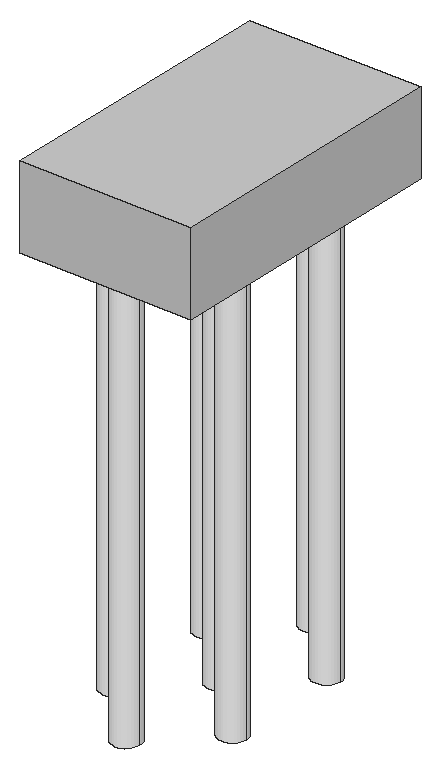
Revit family "e8e1e0e4ccd74267a1f48eafe58b496c", category Structural Foundations, Revit 2021
Family settings
  Material for Model Behavior = Concrete
  Cap = No
  OmniClass Number = 23.25.05.11
  OmniClass Title = Foundation Piles
  Seek Item ID = Pile Cap-7 Pile-0000-USA-ENU
  Work Plane-Based = No
  Always vertical = Yes
  Cut with Voids When Loaded = No
  Shared = No
Parameters (values of type "165"x98"x47"")
  Width = 8' - 2"
  Structural Material [instance] = Concrete, Cast-in-Place gray
  Pile Type = Pile-Steel Pipe : 16" Diameter
  Length = 13' - 9"
  Foundation Thickness = 3' - 11"
  Cut-off = 0' - 6"
  Clearance = 1' - 3"
  Assembly Code = "A1010130"
Reference planes (in)
  plane 1 "Center (Front/Back)": y = 0
  plane 2: z = 0
  plane 3 "Center (Left/Right)": x = 0
  plane 4: z = -47
  plane 5: y = 82.5
  plane 6: x = -49
  plane 7: x = 49
  plane 8: y = -67.5
  plane 9: z = -41
  plane 10: x = -34
  plane 11: x = 34
  plane 12: y = 67.5
  plane 13: y = -82.5
  plane 14: y = -33.75
  plane 15: y = 33.75
Forms (in)
  Extrusion 1, solid, material "Concrete, Cast-in-Place gray" <- "Structural Material"
    sketch origin (0, 0, 0) x (1, 0, 0) y (0, 1, 0)
      loop
        line (-49, 82.5) -> (-49, -82.5) -> (49, -82.5) -> (49, 82.5) -> (-49, 82.5)
    from -47 to 0
Dimensions and locks (in)
  "Foundation Thickness": plane 2 to plane 4
  equal spacing: plane 6, plane 3 "Center (Left/Right)", plane 7  (x2)
  "Width": plane 6 to plane 7
  "Cut-off": plane 4 to plane 9
  "Clearance": plane 6 to plane 10
  "Clearance": plane 11 to plane 7
  "Clearance": plane 12 to plane 5
  "Clearance": plane 13 to plane 8
  "Length": plane 5 to plane 13
  equal spacing: plane 5, plane 1 "Center (Front/Back)", plane 13
  equal spacing: plane 8, plane 14, plane 1 "Center (Front/Back)"
  equal spacing: plane 1 "Center (Front/Back)", plane 15, plane 12
  aligned and locked: Extrusion 1 to plane 4
  aligned and locked: level to Extrusion 1
  aligned and locked: Extrusion 1 sketch curve to plane 6
  aligned and locked: plane 5 to Extrusion 1 sketch curve
  aligned and locked: plane 13 to Extrusion 1 sketch curve
  aligned and locked: Extrusion 1 sketch curve to plane 7
  aligned and locked: plane 1 "Center (Front/Back)" to nested 7
  aligned and locked: plane 12 to nested 1
  aligned and locked: plane 15 to nested 4
  aligned and locked: plane 15 to nested 3
  aligned and locked: plane 14 to nested 5
  aligned and locked: plane 14 to nested 6
  aligned and locked: plane 8 to nested 2
  aligned and locked: plane 10 to nested 4
  aligned and locked: plane 10 to nested 5
  aligned and locked: plane 3 "Center (Left/Right)" to nested 1
  aligned and locked: plane 3 "Center (Left/Right)" to nested 7
  aligned and locked: nested 2 to plane 3 "Center (Left/Right)"
  aligned and locked: plane 11 to nested 3
  aligned and locked: plane 11 to nested 6
  aligned and locked: plane 9 to nested 1
  aligned and locked: plane 9 to nested 4
  aligned and locked: plane 9 to nested 7
  aligned and locked: plane 9 to nested 5
  aligned and locked: plane 9 to nested 2
  aligned and locked: plane 9 to nested 3
  aligned and locked: plane 9 to nested 6
Nested families (in)
  nested 1: "Pile-Steel Pipe" at (0, 67.5, -47), type <- "Pile Type", type "16" Diameter"
    with Structural Material Steel ASTM A572
  nested 2: "Pile-Steel Pipe" at (0, -67.5, -47), type <- "Pile Type", type "16" Diameter"
    with Structural Material Steel ASTM A572
  nested 3: "Pile-Steel Pipe" at (34, 33.75, -47), type <- "Pile Type", type "16" Diameter"
    with Structural Material Steel ASTM A572
  nested 4: "Pile-Steel Pipe" at (-34, 33.75, -47), type <- "Pile Type", type "16" Diameter"
    with Structural Material Steel ASTM A572
  nested 5: "Pile-Steel Pipe" at (-34, -33.75, -47), type <- "Pile Type", type "16" Diameter"
    with Structural Material Steel ASTM A572
  nested 6: "Pile-Steel Pipe" at (34, -33.75, -47), type <- "Pile Type", type "16" Diameter"
    with Structural Material Steel ASTM A572
  nested 7: "Pile-Steel Pipe" at (0, 0, -47), type <- "Pile Type", type "16" Diameter"
    with Structural Material Steel ASTM A572
Definition of nested family "Pile-Steel Pipe"
  Parameters (values of type "8" Diameter")
    Structural Material [instance] = none
    Radius = Diameter / 2  # 0' - 4"
    Minimum Embedment = 0' - 6"
    Diameter = 0' - 8"
    Depth = 20' - 0"
    Assembly Code = "A1020130"
  Types (7): name | Radius | Diameter
    (no name) | 0' - 4" | 0' - 8"
    12" Diameter | 0' - 6" | 1' - 0"
    24" Diameter | 1' - 0" | 2' - 0"
    10" Diameter | 0' - 5" | 0' - 10"
    16" Diameter | 0' - 8" | 1' - 4"
    20" Diameter | 0' - 10" | 1' - 8"
    8" Diameter | 0' - 4" | 0' - 8"
  Reference planes (in)
    plane 1 "Center (Front/Back)": y = 0
    plane 2: z = 0
    plane 3 "Center (Left/Right)": x = 0
    plane 4: z = -240
    plane 5: z = 6
  Forms (in)
    Extrusion 1, solid, material <- "Structural Material"
      sketch origin (0, 0, 0) x (1, 0, 0) y (0, 1, 0)
        loop
          circle (0, 0) r 4
      from -240 to 6
  Dimensions and locks (in)
    "Depth": plane 2 to plane 4
    "Minimum Embedment": plane 5 to plane 2
    "Radius": radius of Extrusion 1 sketch curve
    aligned and locked: Extrusion 1 to plane 4
    aligned and locked: Extrusion 1 to plane 5
  Automatic sketch dimensions
    Extrusion 1 sketch curve to plane 1 "Center (Front/Back)" = 0' - 0"
    Extrusion 1 sketch curve to plane 3 "Center (Left/Right)" = 0' - 0"
